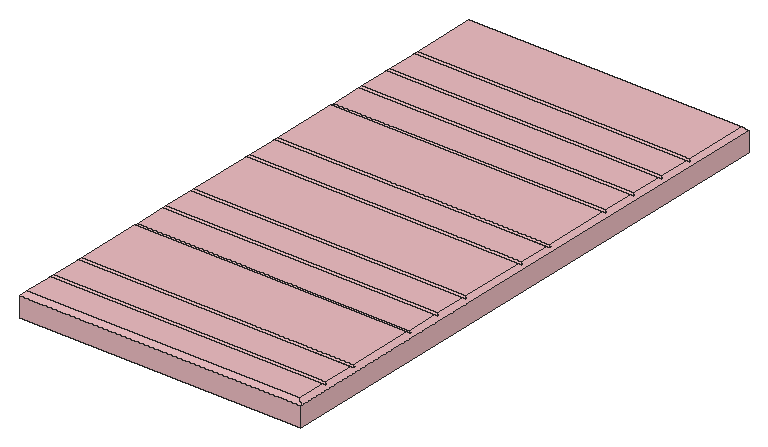
Revit family "STRATA  2ft x 4ft", category Specialty Equipment, Revit 2023
Family settings
  Round Connector Dimension = Use Diameter
  Part Type = Normal
  OmniClass Number = 23.35.00.00
  OmniClass Title = Covering, Cladding, and Finishes
  Work Plane-Based = Yes
  Enable Cutting in Views = Yes
  Always vertical = No
  Cut with Voids When Loaded = No
  Maintain Annotation Orientation = No
  Shared = No
  Room Calculation Point = No
Parameters (values of type "2 INCH THICK - CUSTOM PAINTED - STANDARD")
  URL = "https://www.acousticalsurfaces.com/envirocoustic-wood-wool/designs/"
  Type Comments = "Acoustic panels for vertical and horizontal surfaces"
  Thickness = 0' - 2"
  Recycled Content Percentage = "0%"
  Model = "Envirocoustic Wood Wool"
  Material = "Envirocoustic Wood Wool"
  Manufacturer = "Acoustical Surfaces, Inc."
  Fire Rating = "ASTM E84 - Class A"
  Finish = Paint - Acoustical-Surfaces - Custom Painted
  Description = "Acoustic Panels"
  Default Elevation = 0' - 0"
  Backer Thickness = 0' - 1"
  Backer = no
  Assembly Code = "C30"
  Acoustics - NRC = "Sound absorption varies from NRC 0.45 to 0.95 based on installation method used when tested per ASTM C423."
Types (27): name | Thickness | Finish | Backer Thickness | Backer
  2 INCH THICK - CUSTOM PAINTED - STANDARD | 0' - 2" | Paint - Acoustical-Surfaces - Custom Painted | 0' - 1" | no
  2 INCH THICK - PRIMED WHITE - STANDARD | 0' - 2" | Paint - Acoustical-Surfaces - Primed White | 0' - 1" | no
  2 INCH THICK - PRIMED CLEAR - STANDARD | 0' - 2" | Paint - Acoustical-Surfaces - Primed Clear | 0' - 1" | no
  2 INCH THICK - PRIMED WHITE - 2 INCH CFAB BACKER | 0' - 2" | Paint - Acoustical-Surfaces - Primed White | 0' - 2" | yes
  2 INCH THICK - PRIMED WHITE - 1 INCH CFAB BACKER | 0' - 2" | Paint - Acoustical-Surfaces - Primed White | 0' - 1" | yes
  2 INCH THICK - PRIMED CLEAR - 2 INCH CFAB BACKER | 0' - 2" | Paint - Acoustical-Surfaces - Primed Clear | 0' - 2" | yes
  2 INCH THICK - PRIMED CLEAR - 1 INCH CFAB BACKER | 0' - 2" | Paint - Acoustical-Surfaces - Primed Clear | 0' - 1" | yes
  2 INCH THICK - CUSTOM PAINTED - 2 INCH CFAB BACKER | 0' - 2" | Paint - Acoustical-Surfaces - Custom Painted | 0' - 2" | yes
  2 INCH THICK - CUSTOM PAINTED - 1 INCH CFAB BACKER | 0' - 2" | Paint - Acoustical-Surfaces - Custom Painted | 0' - 1" | yes
  1-3/8 INCH THICK - CUSTOM PAINTED - STANDARD | 0' - 1 3/8" | Paint - Acoustical-Surfaces - Custom Painted | 0' - 1" | no
  1-3/8 INCH THICK - PRIMED WHITE - STANDARD | 0' - 1 3/8" | Paint - Acoustical-Surfaces - Primed White | 0' - 1" | no
  1-3/8 INCH THICK - PRIMED CLEAR - STANDARD | 0' - 1 3/8" | Paint - Acoustical-Surfaces - Primed Clear | 0' - 1" | no
  1-3/8 INCH THICK - PRIMED WHITE - 2 INCH CFAB BACKER | 0' - 1 3/8" | Paint - Acoustical-Surfaces - Primed White | 0' - 2" | yes
  1-3/8 INCH THICK - PRIMED WHITE - 1 INCH CFAB BACKER | 0' - 1 3/8" | Paint - Acoustical-Surfaces - Primed White | 0' - 1" | yes
  1-3/8 INCH THICK - PRIMED CLEAR - 2 INCH CFAB BACKER | 0' - 1 3/8" | Paint - Acoustical-Surfaces - Primed Clear | 0' - 2" | yes
  1-3/8 INCH THICK - PRIMED CLEAR - 1 INCH CFAB BACKER | 0' - 1 3/8" | Paint - Acoustical-Surfaces - Primed Clear | 0' - 1" | yes
  1-3/8 INCH THICK - CUSTOM PAINTED - 2 INCH CFAB BACKER | 0' - 1 3/8" | Paint - Acoustical-Surfaces - Custom Painted | 0' - 2" | yes
  1-3/8 INCH THICK - CUSTOM PAINTED - 1 INCH CFAB BACKER | 0' - 1 3/8" | Paint - Acoustical-Surfaces - Custom Painted | 0' - 1" | yes
  1 INCH THICK - CUSTOM PAINTED - STANDARD | 0' - 1" | Paint - Acoustical-Surfaces - Custom Painted | 0' - 1" | no
  1 INCH THICK - PRIMED WHITE - STANDARD | 0' - 1" | Paint - Acoustical-Surfaces - Primed White | 0' - 1" | no
  1 INCH THICK - PRIMED CLEAR - STANDARD | 0' - 1" | Paint - Acoustical-Surfaces - Primed Clear | 0' - 1" | no
  1 INCH THICK - PRIMED WHITE - 2 INCH CFAB BACKER | 0' - 1" | Paint - Acoustical-Surfaces - Primed White | 0' - 2" | yes
  1 INCH THICK - PRIMED WHITE - 1 INCH CFAB BACKER | 0' - 1" | Paint - Acoustical-Surfaces - Primed White | 0' - 1" | yes
  1 INCH THICK - PRIMED CLEAR - 2 INCH CFAB BACKER | 0' - 1" | Paint - Acoustical-Surfaces - Primed Clear | 0' - 2" | yes
  1 INCH THICK - PRIMED CLEAR - 1 INCH CFAB BACKER | 0' - 1" | Paint - Acoustical-Surfaces - Primed Clear | 0' - 1" | yes
  1 INCH THICK - CUSTOM PAINTED - 2 INCH CFAB BACKER | 0' - 1" | Paint - Acoustical-Surfaces - Custom Painted | 0' - 2" | yes
  1 INCH THICK - CUSTOM PAINTED - 1 INCH CFAB BACKER | 0' - 1" | Paint - Acoustical-Surfaces - Custom Painted | 0' - 1" | yes
Reference planes (in)
  plane 1 "Center (Front/Back)": y = 0
  plane 2: z = 0
  plane 3 "Center (Left/Right)": x = 0
  plane 4: x = -12
  plane 5: x = 12
  plane 6: y = 24
  plane 7: y = -24
  plane 8: z = 2
  plane 9: z = -1
Forms (in)
  Extrusion 1, solid, material "Paint - Acoustical-Surfaces - Custom Painted" <- "Finish"
    sketch origin (0, 0, 0) x (1, 0, 0) y (0, 1, 0)
      loop
        line (12, 24) -> (-12, 24) -> (-12, -24) -> (12, -24) -> (12, 24)
    from 0 to 2
  Sweep 2, void
    path in 3D
      loop
        line (12, 24, 2) -> (-12, 24, 2) -> (-12, -24, 2) -> (12, -24, 2) -> (12, 24, 2)
    profile "Triangle : Family2" origin (12, 0, 2) x (-1, 0, 0) y (0, 0, 1)
      loop
        line (0, 0) -> (0, -0.315) -> (0.315, 0) -> (0, 0)
  Extrusion 3, solid, visible <- "Backer"
    sketch origin (0, 0, 0) x (1, 0, 0) y (0, 1, 0)
      loop
        line (12, 24) -> (-12, 24) -> (-12, -24) -> (12, -24) -> (12, 24)
    from 0 to -1
  Sweep 4, void
    path origin (0, 0, 2) x (1, 0, 0) y (0, 1, 0)
      loop
        line (12, 18) -> (-12, 18)
    profile "Groove : Family2" origin (0, 18, 2) x (0, -1, 0) y (0, 0, 1)
      loop
        line (-0.1575, 0) -> (0, -0.1575) -> (0.1575, 0) -> (-0.1575, 0)
  Sweep 5, void
    path origin (0, -3, 2) x (1, 0, 0) y (0, 1, 0)
      loop
        line (12, 18) -> (-12, 18)
    profile "Groove : Family2" origin (0, 15, 2) x (0, -1, 0) y (0, 0, 1)
      loop
        line (-0.1575, 0) -> (0, -0.1575) -> (0.1575, 0) -> (-0.1575, 0)
  Sweep 6, void
    path origin (0, -6, 2) x (1, 0, 0) y (0, 1, 0)
      loop
        line (12, 18) -> (-12, 18)
    profile "Groove : Family2" origin (0, 12, 2) x (0, -1, 0) y (0, 0, 1)
      loop
        line (-0.1575, 0) -> (0, -0.1575) -> (0.1575, 0) -> (-0.1575, 0)
  Sweep 7, void
    path origin (0, -9, 2) x (1, 0, 0) y (0, 1, 0)
      loop
        line (12, 18) -> (-12, 18)
    profile "Groove : Family2" origin (0, 9, 2) x (0, -1, 0) y (0, 0, 1)
      loop
        line (-0.1575, 0) -> (0, -0.1575) -> (0.1575, 0) -> (-0.1575, 0)
  Sweep 8, void
    path origin (0, -15, 2) x (1, 0, 0) y (0, 1, 0)
      loop
        line (12, 18) -> (-12, 18)
    profile "Groove : Family2" origin (0, 3, 2) x (0, -1, 0) y (0, 0, 1)
      loop
        line (-0.1575, 0) -> (0, -0.1575) -> (0.1575, 0) -> (-0.1575, 0)
  Sweep 9, void
    path origin (0, -18, 2) x (1, 0, 0) y (0, 1, 0)
      loop
        line (12, 18) -> (-12, 18)
    profile "Groove : Family2" origin (0, 0, 2) x (0, -1, 0) y (0, 0, 1)
      loop
        line (-0.1575, 0) -> (0, -0.1575) -> (0.1575, 0) -> (-0.1575, 0)
  Sweep 10, void
    path origin (0, -24, 2) x (1, 0, 0) y (0, 1, 0)
      loop
        line (12, 18) -> (-12, 18)
    profile "Groove : Family2" origin (0, -6, 2) x (0, -1, 0) y (0, 0, 1)
      loop
        line (-0.1575, 0) -> (0, -0.1575) -> (0.1575, 0) -> (-0.1575, 0)
  Sweep 11, void
    path origin (0, -27, 2) x (1, 0, 0) y (0, 1, 0)
      loop
        line (12, 18) -> (-12, 18)
    profile "Groove : Family2" origin (0, -9, 2) x (0, -1, 0) y (0, 0, 1)
      loop
        line (-0.1575, 0) -> (0, -0.1575) -> (0.1575, 0) -> (-0.1575, 0)
  Sweep 12, void
    path origin (0, -30, 2) x (1, 0, 0) y (0, 1, 0)
      loop
        line (12, 18) -> (-12, 18)
    profile "Groove : Family2" origin (0, -12, 2) x (0, -1, 0) y (0, 0, 1)
      loop
        line (-0.1575, 0) -> (0, -0.1575) -> (0.1575, 0) -> (-0.1575, 0)
  Sweep 13, void
    path origin (0, -36, 2) x (1, 0, 0) y (0, 1, 0)
      loop
        line (12, 18) -> (-12, 18)
    profile "Groove : Family2" origin (0, -18, 2) x (0, -1, 0) y (0, 0, 1)
      loop
        line (-0.1575, 0) -> (0, -0.1575) -> (0.1575, 0) -> (-0.1575, 0)
  Sweep 14, void
    path origin (0, -39, 2) x (1, 0, 0) y (0, 1, 0)
      loop
        line (12, 18) -> (-12, 18)
    profile "Groove : Family2" origin (0, -21, 2) x (0, -1, 0) y (0, 0, 1)
      loop
        line (-0.1575, 0) -> (0, -0.1575) -> (0.1575, 0) -> (-0.1575, 0)
Cuts and joins
  Sweep 2, Sweep 4, Sweep 5, Sweep 6, Sweep 7, Sweep 8, Sweep 9, Sweep 10, Sweep 11, Sweep 12, Sweep 13, Sweep 14 cuts Extrusion 1
Lines and regions (in)
  sketch lines
    curve 1: line (12, -24, 2) -> (12, 24, 2)
    curve 2: line (-12, -24, 2) -> (12, -24, 2)
    curve 3: line (-12, 24, 2) -> (-12, -24, 2)
    curve 4: line (12, 24, 2) -> (-12, 24, 2)
Dimensions and locks (in)
  equal spacing: plane 4, plane 3 "Center (Left/Right)", plane 5
  equal spacing: plane 7, plane 1 "Center (Front/Back)", plane 6
  plane 7 to plane 6 = 4' - 0"
  locked: plane 4 to plane 5 at 24
  "Thickness": plane 8 to level
  "Backer Thickness": level to plane 9
  aligned and locked: level to plane 2
  aligned and locked: Extrusion 1 sketch curve to plane 4
  aligned and locked: plane 5 to Extrusion 1 sketch curve
  aligned and locked: Extrusion 1 sketch curve to plane 6
  aligned and locked: Extrusion 1 sketch curve to plane 7
  aligned and locked: Extrusion 1 to plane 8
  aligned and locked: Extrusion 3 sketch curve to plane 4
  aligned and locked: plane 5 to Extrusion 3 sketch curve
  aligned and locked: Extrusion 3 sketch curve to plane 6
  aligned and locked: Extrusion 3 sketch curve to plane 7
  aligned and locked: plane 9 to Extrusion 3
Automatic sketch dimensions
  Sweep 4 sketch curve to Extrusion 1 = 0' - 0"  (x2)
  Sweep 4 sketch curve to Extrusion 1 = 0' - 6"
  Sweep 5 sketch curve to Extrusion 1 = 0' - 0"  (x2)
  Sweep 5 sketch curve to Extrusion 1 = 0' - 9"
  Sweep 6 sketch curve to Extrusion 1 = 0' - 0"  (x2)
  Sweep 6 sketch curve to Extrusion 1 = 1' - 0"
  Sweep 7 sketch curve to Extrusion 1 = 0' - 0"  (x2)
  Sweep 7 sketch curve to Extrusion 1 = 1' - 3"
  Sweep 8 sketch curve to Extrusion 1 = 0' - 0"  (x2)
  Sweep 8 sketch curve to Extrusion 1 = 1' - 9"
  Sweep 9 sketch curve to Extrusion 1 = 0' - 0"  (x2)
  Sweep 9 sketch curve to Extrusion 1 = 2' - 0"
  Sweep 10 sketch curve to Extrusion 1 = 0' - 0"  (x2)
  Sweep 10 sketch curve to Extrusion 1 = 1' - 6"
  Sweep 11 sketch curve to Extrusion 1 = 0' - 0"  (x2)
  Sweep 11 sketch curve to Extrusion 1 = 1' - 3"
  Sweep 12 sketch curve to Extrusion 1 = 0' - 0"  (x2)
  Sweep 12 sketch curve to Extrusion 1 = 1' - 0"
  Sweep 13 sketch curve to Extrusion 1 = 0' - 0"  (x2)
  Sweep 13 sketch curve to Extrusion 1 = 0' - 6"
  Sweep 14 sketch curve to Extrusion 1 = 0' - 0"  (x2)
  Sweep 14 sketch curve to Extrusion 1 = 0' - 3"
